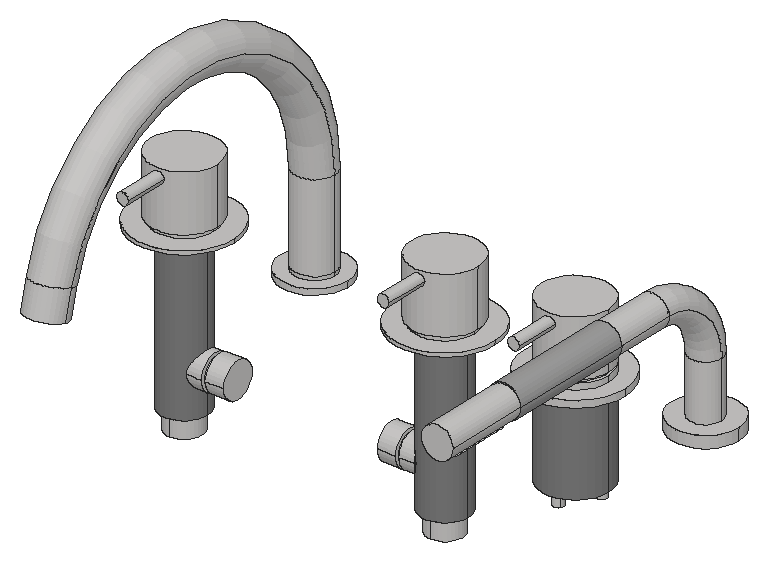
Revit family "SC13", category Plumbing Fixtures, Revit 2021
Family settings
  Round Connector Dimension = Use Diameter
  Part Type = Normal
  Work Plane-Based = No
  Always vertical = Yes
  Cut with Voids When Loaded = No
  Shared = No
  Room Calculation Point = No
Parameters
  e-mail = "info@vola.com"
  URL = "http://vola.com"
  Telephone = "+45 7023 5500"
  Quality management standard = "ISO 9001"
  Organisation no. / DUNS no. = "17531328"
  Occupational health and safety management standard = "ISO 18001"
  Mounting Instructions = "http://vola.com/service/producturl.ashx?name=SC13"
  Model = "SC13"
  Materials and components information = "http://vola.com/service/producturl.ashx?name=SC13"
  Manufacturer = "VOLA A/S"
  Maintenance Instructions = "http://vola.com/service/producturl.ashx?name=SC13"
  Guarantee = "2 years"
  Flow = "75,00 l/min"
  Environmental management standard = "ISO 14000"
  Default Elevation = 0.00 mm
  Connection - All relevant connections = "½\" and 10mm flexible hose"
  Approvals = "http://vola.com/service/producturl.ashx?name=SC13"
Reference planes
  plane 1 "Center (Front/Back)": y = 0
  plane 2: z = 0
  plane 3 "Center (Left/Right)": x = 0
Dimensions and locks
  aligned and locked: plane 2 to level
Nested families
  nested 1: "090E" at (0, 0, 0), type "090E"
  nested 2: "500T1" at (234, 0, 0), type "500T1"
  nested 3: "S50" at (78, 0, 0), type "S50"
  nested 4: "001" at (78, 0, 0), type "001"
  nested 5: "001" at (-78, 0, 0), type "001"
  nested 6: "S50" at (-78, 0, 0) x (-1, 0, 0) z (0, 0, 1), type "S50"
Connectors
  piping at (166.825, 6.25, -63), diameter 6
    settings: on nested 2, index 1, connector inside diameter 0.23622", connector length 0.00 mm, flow factor 0, pipe flow 0 GPM, pressure drop 0.00 psi, fitting loss kfactor 0, connector angle 0.00°, fixture units 0, engagement length 0.00 mm, angle of deflection 0.00°, flow configuration 0, flow direction 1, fitting loss method 0, system type 20, joint type 0, gender type 0, connector reference index -1, connector utility 0, adjustable connector no, is connector primary yes, connector description ""
  piping at (145.175, 6.25, -63), diameter 6
    settings: on nested 2, index 2, connector inside diameter 0.23622", connector length 0.00 mm, flow factor 0, pipe flow 0 GPM, pressure drop 0.00 psi, fitting loss kfactor 0, connector angle 0.00°, fixture units 0, engagement length 0.00 mm, angle of deflection 0.00°, flow configuration 0, flow direction 1, fitting loss method 0, system type 19, joint type 0, gender type 0, connector reference index -1, connector utility 0, adjustable connector no, is connector primary no, connector description ""
  piping at (78, 0, -110), diameter 20.9
    settings: on nested 3, index 3, connector inside diameter 0.82283", connector length 0.00 mm, flow factor 0, pipe flow 0 GPM, pressure drop 0.00 psi, fitting loss kfactor 0, connector angle 0.00°, fixture units 0, engagement length 0.00 mm, angle of deflection 0.00°, flow configuration 0, flow direction 1, fitting loss method 0, system type 20, joint type 0, gender type 0, connector reference index -1, connector utility 0, adjustable connector no, is connector primary no, connector description ""
  piping at (-78, 0, -110), diameter 20.9
    settings: on nested 6, index 4, connector inside diameter 0.82283", connector length 0.00 mm, flow factor 0, pipe flow 0 GPM, pressure drop 0.00 psi, fitting loss kfactor 0, connector angle 0.00°, fixture units 0, engagement length 0.00 mm, angle of deflection 0.00°, flow configuration 0, flow direction 1, fitting loss method 0, system type 19, joint type 0, gender type 0, connector reference index -1, connector utility 0, adjustable connector no, is connector primary no, connector description ""
Definition of nested family "090E"
  Parameters
    e-mail = "info@vola.com"
    URL = "http://vola.com"
    Telephone = "+45 7023 5500"
    Quality management standard = "ISO 9001"
    Organisation no. / DUNS no. = "17531328"
    Occupational health and safety management standard = "ISO 18001"
    Mounting Instructions = "http://vola.com/service/producturl.ashx?name=090E"
    Model = "090E"
    Materials and components information = "http://vola.com/service/producturl.ashx?name=090E"
    Manufacturer = "VOLA A/S"
    Maintenance Instructions = "http://vola.com/service/producturl.ashx?name=090E"
    Guarantee = "2 years"
    Environmental management standard = "ISO 14000"
    Default Elevation = 0.00 mm
    Connection - All relevant connections = ""
    Approvals = "http://vola.com/service/producturl.ashx?name=090E"
  Reference planes
    plane 1 "Center (Front/Back)": y = 0
    plane 2: z = 0
    plane 3 "Center (Left/Right)": x = 0
  Forms (mm)
    Sweep 1, solid
      path origin (0, 0, -1) x (0, 1, 0) y (0, 0, 1)
        loop
          line (0, 6.5) -> (0, 58.5)
          arc (0, 58.5) -> (-86.947, 157.644) -> (-196.593, 84.382) r 100
      profile origin (0, -86.947, 156.644) x (0, -0.130526, -0.991445) y (1, 0, 0)
        loop
          circle (0, 0) r 12
    Extrusion 2, solid
      sketch origin (0, 0, 0) x (1, 0, 0) y (0, 1, 0)
        loop
          circle (0, 0) r 20
      from 0 to 3.5
    Extrusion 3, solid
      sketch origin (0, 0, 3.5) x (1, 0, 0) y (0, 1, 0)
        loop
          circle (0, 0) r 12
      from 0 to 2
    Extrusion 4, solid
      sketch origin (0, -196.593, 83.382) x (1, 0, 0) y (0, -0.965926, 0.258819)
        loop
          circle (0, 0) r 12
      from 0 to 17.7
  Cuts and joins
    joined: Sweep 1, Extrusion 2
  Dimensions and locks
    aligned and locked: plane 2 to level
Definition of nested family "500T1"
  Parameters
    e-mail = "info@vola.com"
    URL = "http://vola.com"
    Telephone = "+45 7023 5500"
    Quality management standard = "ISO 9001"
    Organisation no. / DUNS no. = "17531328"
    Occupational health and safety management standard = "ISO 18001"
    Mounting Instructions = "http://vola.com/service/producturl.ashx?name=500T1"
    Model = "500T1"
    Materials and components information = "http://vola.com/service/producturl.ashx?name=500T1"
    Manufacturer = "VOLA A/S"
    Maintenance Instructions = "http://vola.com/service/producturl.ashx?name=500T1"
    Guarantee = "2 years"
    Flow = "11,00 l/min"
    Environmental management standard = "ISO 14000"
    Default Elevation = 0.00 mm
    Connection - All relevant connections = "10mm flexible hose"
    Approvals = "http://vola.com/service/producturl.ashx?name=500T1"
  Reference planes
    plane 1 "Center (Front/Back)": y = 0
    plane 2: z = 0
    plane 3 "Center (Left/Right)": x = 0
  Dimensions and locks
    aligned and locked: plane 2 to level
  Nested families
    nested 1: "T1" at (0, 0, 0), type "T1"
    nested 2: "500" at (-78, 0, 0), type "500"
  Connectors
    piping at (-88.825, 6.25, -63), diameter 6
      settings: on nested 2, index 1, connector inside diameter 0.23622", connector length 0.00 mm, flow factor 0, pipe flow 0 GPM, pressure drop 0.00 psi, fitting loss kfactor 0, connector angle 0.00°, fixture units 0, engagement length 0.00 mm, angle of deflection 0.00°, flow configuration 0, flow direction 1, fitting loss method 0, system type 19, joint type 0, gender type 0, connector reference index -1, connector utility 0, adjustable connector no, is connector primary yes, connector description ""
    piping at (-67.175, 6.25, -63), diameter 6
      settings: on nested 2, index 2, connector inside diameter 0.23622", connector length 0.00 mm, flow factor 0, pipe flow 0 GPM, pressure drop 0.00 psi, fitting loss kfactor 0, connector angle 0.00°, fixture units 0, engagement length 0.00 mm, angle of deflection 0.00°, flow configuration 0, flow direction 1, fitting loss method 0, system type 20, joint type 0, gender type 0, connector reference index -1, connector utility 0, adjustable connector no, is connector primary no, connector description ""
  Definition of nested family "T1"
    Parameters
      e-mail = "info@vola.com"
      URL = "http://vola.com"
      Telephone = "+45 7023 5500"
      Quality management standard = "ISO 9001"
      Organisation no. / DUNS no. = "17531328"
      Occupational health and safety management standard = "ISO 18001"
      Mounting Instructions = "http://vola.com/service/producturl.ashx?name=T1"
      Model = "T1"
      Materials and components information = "http://vola.com/service/producturl.ashx?name=T1"
      Manufacturer = "VOLA A/S"
      Maintenance Instructions = "http://vola.com/service/producturl.ashx?name=T1"
      Guarantee = "2 years"
      Environmental management standard = "ISO 14000"
      Default Elevation = 0.00 mm
      Connection - All relevant connections = ""
      Approvals = "http://vola.com/service/producturl.ashx?name=T1"
    Reference planes
      plane 1 "Center (Front/Back)": y = 0
      plane 2: z = 0
      plane 3 "Center (Left/Right)": x = 0
    Forms (mm)
      Extrusion 1, solid
        sketch origin (0, 0, 0) x (1, 0, 0) y (0, 1, 0)
          loop
            circle (0, 0) r 20
        from 0 to 7
      Sweep 2, solid
        path origin (0, 0, 0) x (0, 1, 0) y (0, 0, 1)
          loop
            line (0, 7) -> (0, 40.5)
            arc (0, 40.5) -> (-11.569, 68.431) -> (-39.5, 80) r 39.5
            line (-39.5, 80) -> (-75.5, 80)
        profile origin (0, 0, 23.75) x (0, -1, 0) y (1, 0, 0)
          loop
            circle (0, 0) r 9.5
      Extrusion 3, solid
        sketch origin (0, -75.5, 80) x (1, 0, 0) y (0, 0, 1)
          loop
            circle (0, 0) r 10
        from 0 to 75
      Extrusion 4, solid
        sketch origin (0, -150.5, 80) x (1, 0, 0) y (0, 0, 1)
          loop
            circle (0, 0) r 9.5
        from 0 to 50
      Extrusion 5, solid
        sketch origin (0, 9.25, 62.884) x (1, 0, 0) y (0, 1, 0)
          loop
            circle (0, -200.45) r 1.225
          loop
            circle (0, -195.95) r 1.225
          loop
            circle (0, -191.45) r 1.225
          loop
            circle (0, -186.95) r 1.225
          loop
            circle (0, -182.45) r 1.225
          loop
            circle (0, -177.95) r 1.225
          loop
            circle (0, -173.45) r 1.225
          loop
            circle (0, -168.95) r 1.225
        from 7.116 to 10.217
      Extrusion 6, solid
        sketch origin (8.298, 9.25, 65.03) x (-0.87462, 0, -0.48481) y (0, -1, 0)
          loop
            circle (0, 200.45) r 1.225
          loop
            circle (0, 195.95) r 1.225
          loop
            circle (0, 191.45) r 1.225
          loop
            circle (0, 186.95) r 1.225
          loop
            circle (0, 182.45) r 1.225
          loop
            circle (0, 177.95) r 1.225
          loop
            circle (0, 173.45) r 1.225
          loop
            circle (0, 168.95) r 1.225
        from 7.116 to 10.217
      Extrusion 7, solid
        sketch origin (-8.298, 9.25, 65.03) x (0.87462, 0, -0.48481) y (0, 1, 0)
          loop
            circle (0, -200.45) r 1.225
          loop
            circle (0, -195.95) r 1.225
          loop
            circle (0, -191.45) r 1.225
          loop
            circle (0, -186.95) r 1.225
          loop
            circle (0, -182.45) r 1.225
          loop
            circle (0, -177.95) r 1.225
          loop
            circle (0, -173.45) r 1.225
          loop
            circle (0, -168.95) r 1.225
        from 7.116 to 10.217
    Cuts and joins
      joined: Extrusion 4, Extrusion 5, Extrusion 6, Extrusion 7
    Dimensions and locks
      aligned and locked: plane 2 to level
  Definition of nested family "500"
    Parameters
      e-mail = "info@vola.com"
      URL = "http://vola.com"
      Telephone = "+45 7023 5500"
      Quality management standard = "ISO 9001"
      Organisation no. / DUNS no. = "17531328"
      Occupational health and safety management standard = "ISO 18001"
      Mounting Instructions = "http://vola.com/service/producturl.ashx?name=500"
      Model = "500"
      Materials and components information = "http://vola.com/service/producturl.ashx?name=500"
      Manufacturer = "VOLA A/S"
      Maintenance Instructions = "http://vola.com/service/producturl.ashx?name=500"
      Guarantee = "2 years"
      Flow = "14,50 l/min"
      Environmental management standard = "ISO 14000"
      Default Elevation = 0.00 mm
      Connection - All relevant connections = "10mm flexible hose"
      Approvals = "http://vola.com/service/producturl.ashx?name=500"
    Reference planes
      plane 1 "Center (Front/Back)": y = 0
      plane 2: z = 0
      plane 3 "Center (Left/Right)": x = 0
    Forms (mm)
      Extrusion 1, solid
        sketch origin (0, 0, 0) x (1, 0, 0) y (0, 1, 0)
          loop
            circle (0, 0) r 30
        from 0 to 4
      Extrusion 2, solid
        sketch origin (0, 0, 7.5) x (1, 0, 0) y (0, 1, 0)
          loop
            circle (0, 0) r 18.25
        from 0 to 2
      Extrusion 3, solid
        sketch origin (0, 0, 9.5) x (1, 0, 0) y (0, 1, 0)
          loop
            circle (0, 0) r 20
        from 0 to 33.5
      Extrusion 4, solid
        sketch origin (0, 0, 3.25) x (1, 0, 0) y (0, 0, 1)
          loop
            circle (0, 34.5) r 3.5
        from 0 to 46
      Extrusion 5, solid
        sketch origin (0, 0, 0) x (0, 1, 0) y (1, 0, 0)
          loop
            circle (0, 0) r 20
        from 0 to 55
      Extrusion 6, solid
        sketch origin (0, 0, -55) x (0, 1, 0) y (1, 0, 0)
          loop
            circle (6.25, 10.825) r 3
          loop
            circle (6.25, -10.825) r 3
          loop
            circle (-12.5, 0) r 3
        from 0 to 8
      Extrusion 7, solid
        sketch origin (0, 0, 4) x (1, 0, 0) y (0, 1, 0)
          loop
            circle (0, 0) r 20
        from 0 to 3.5
    Cuts and joins
      joined: Extrusion 3, Extrusion 4
    Lines and regions (mm)
      model lines
        curve 1: line (6.05, -19.063, 43) -> (6.05, 19.063, 43)
        curve 2: line (-6.05, -19.063, 43) -> (-6.05, 19.063, 43)
      reference lines
        curve 3: line (-10.825, 6.25, -55) -> (-10.825, 6.25, -80)
        curve 4: line (10.825, 6.25, -55) -> (10.825, 6.25, -80)
    Dimensions and locks
      aligned and locked: plane 2 to level
Definition of nested family "S50"
  Parameters
    e-mail = "info@vola.com"
    URL = "http://vola.com"
    Telephone = "+45 7023 5500"
    Quality management standard = "ISO 9001"
    Organisation no. / DUNS no. = "17531328"
    Occupational health and safety management standard = "ISO 18001"
    Mounting Instructions = "http://vola.com/service/producturl.ashx?name=S50"
    Model = "S50"
    Materials and components information = "http://vola.com/service/producturl.ashx?name=S50"
    Manufacturer = "VOLA A/S"
    Maintenance Instructions = "http://vola.com/service/producturl.ashx?name=S50"
    Guarantee = "2 years"
    Flow = "32,00 l/min"
    Environmental management standard = "ISO 14000"
    Default Elevation = 0.00 mm
    Connection - All relevant connections = "½\" for water connection"
    Approvals = "http://vola.com/service/producturl.ashx?name=S50"
  Reference planes
    plane 1 "Center (Front/Back)": y = 0
    plane 2: z = 0
    plane 3 "Center (Left/Right)": x = 0
  Forms (mm)
    Extrusion 1, solid
      sketch origin (0, 0, 2) x (1, 0, 0) y (0, 1, 0)
        loop
          circle (0, 0) r 18
      from 0 to 3
    Extrusion 2, solid
      sketch origin (0, 0, 5) x (1, 0, 0) y (0, 1, 0)
        loop
          circle (0, 0) r 20
      from 0 to 33.5
    Extrusion 3, solid
      sketch origin (0, 0, -1.25) x (1, 0, 0) y (0, 0, 1)
        loop
          circle (0, 34.5) r 3.5
      from 0 to 46
    Extrusion 4, solid
      sketch origin (0, 0, 0) x (1, 0, 0) y (0, 1, 0)
        loop
          circle (0, 0) r 14
      from 2 to -98
    Extrusion 5, solid
      sketch origin (0, 0, -98) x (0, 1, 0) y (1, 0, 0)
        loop
          circle (0, 0) r 9
      from 0 to 2
    Extrusion 6, solid
      sketch origin (0, 0, -100) x (-1, 0, 0) y (0, 1, 0)
        loop
          circle (0, 0) r 10.45
      from 10 to 0
    Extrusion 7, solid
      sketch origin (0, 0, 25) x (0, 1, 0) y (0, 0, 1)
        loop
          circle (0, -98) r 10.5
      from -19 to 0
    Extrusion 8, solid
      sketch origin (-19, 0, 25) x (0, -1, 0) y (0, 0, 1)
        loop
          circle (0, -98) r 9
      from 2 to 0
    Extrusion 9, solid
      sketch origin (-21, 0, 25) x (0, -1, 0) y (0, 0, 1)
        loop
          circle (0, -98) r 10.45
      from 11 to 0
    Extrusion 10, void
      sketch origin (0, 0, -98) x (1, 0, 0) y (0, 1, 0)
        loop
          circle (0, 0) r 14
      from 41.193 to 9.651
  Cuts and joins
    joined: Extrusion 2, Extrusion 3
    Extrusion 10 cuts Extrusion 5
    Extrusion 10 cuts Extrusion 7
  Lines and regions (mm)
    reference lines
      curve 1: line (0, 0, -110) -> (0, 0, -140)
      curve 2: line (-32, 0, -73) -> (-62, 0, -73)
    model lines
      curve 3: line (6.05, 19.063, 38.5) -> (6.05, -19.063, 38.5)
      curve 4: line (-6.05, -19.063, 38.5) -> (-6.05, 19.063, 38.5)
  Dimensions and locks
    aligned and locked: plane 2 to level
Definition of nested family "001"
  Parameters
    e-mail = "info@vola.com"
    URL = "http://vola.com"
    Telephone = "+45 7023 5500"
    Quality management standard = "ISO 9001"
    Organisation no. / DUNS no. = "17531328"
    Occupational health and safety management standard = "ISO 18001"
    Mounting Instructions = "http://vola.com/service/producturl.ashx?name=001"
    Model = "001"
    Materials and components information = "http://vola.com/service/producturl.ashx?name=001"
    Manufacturer = "VOLA A/S"
    Maintenance Instructions = "http://vola.com/service/producturl.ashx?name=001"
    Guarantee = "2 years"
    Environmental management standard = "ISO 14000"
    Default Elevation = 1219.20 mm
    Connection - All relevant connections = ""
    Approvals = "http://vola.com/service/producturl.ashx?name=001"
  Reference planes
    plane 1 "Center (Front/Back)": y = 0
    plane 2: z = 0
    plane 3 "Center (Left/Right)": x = 0
  Forms (mm)
    Extrusion 1, solid
      sketch origin (0, 0, 0) x (1, 0, 0) y (0, 1, 0)
        loop
          circle (0, 0) r 16.5
        loop
          circle (0, 0) r 30
      from 0 to 2
  Dimensions and locks
    aligned and locked: plane 2 to level
